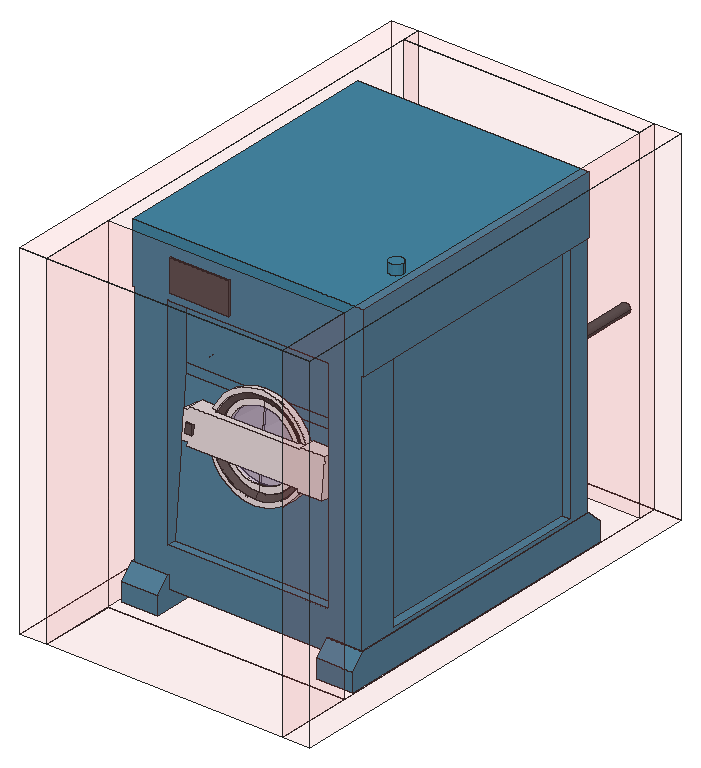
Revit family "Washer_Milnor_36026-X8", category Mechanical Equipment, Revit 2026
Family settings
  Round Connector Dimension = Use Diameter
  Part Type = Normal
  Classification Number = 23.45.70.11.14.11
  Work Plane-Based = Yes
  Always vertical = No
  Cut with Voids When Loaded = No
  Maintain Annotation Orientation = No
  Shared = No
  Room Calculation Point = No
Parameters
  doorgas = Door Opening + 0' 2 1/2"  # 1' - 10 1/2"
  Warranty Duration (Years) = 0
  Voltage_MEP = 0 V
  Vibration Frequency = 0
  Unit Width = 4' - 4"
  Unit Weight = 0
  Unit Height = 6' - 4 3/8"
  Unit Depth = 6' - 6 7/16"
  URL = "http://www.milnor.com/"
  Specification = ""
  SpecWizard = ""
  Send Message = "http://www.arcat.com/users.pl?action=UserEmail&company=Pellerin+Milnor+Corp.&coid=34740&rep=108&fax=504-468-3094&mf="
  Sales Information = "http://www.milnor.com/contact_us.aspx"
  Revision = "R1_04-2011"
  Product Properties = ""
  Product Data = "http://www.arcat.com/arcatcos/cos34/arc34740.html"
  Phase = 0
  Number of Poles = 1
  Model = "As Specified"
  Manufacturer Website = "http://www.milnor.com/"
  Manufacturer Phone - Toll Free = "800-469-8780"
  Manufacturer Phone = "504-467-9591"
  Manufacturer Fax = "504-468-3094"
  Manufacturer Address = "700 Jackson St.   Kenner, LA 70062"
  Manufacturer = "Pellerin Milnor Corp"
  Maintenance Schedule (Months) = 0
  MEP Amperage = 0 A
  Keynote = "11110"
  Interior Finish [instance] = Metal - Stainless Steel - Milnor - as Specified
  Installation-Fabrication = ""
  Installation Phase = ""
  Green Building-LEED = ""
  Frequency = 0 Hz
  Expected Lifespan (Years) = 0
  Dynamic Load = 0.00 kip
  Drawn By = "Sumex Design, Inc. / Robert S. Weygant, CSI, CDT, SCIP"
  Door Opening = 1' - 8"
  Door Opening Depth = 1' - 7 7/8"
  Door Glazing [instance] = Glazing - Milnor - as Specified
  Door Finish [instance] = Metal - Stainless Steel - Milnor - Powder Coat as Specified
  Clearance Visible [instance] = yes
  Cabinet Front Doodads [instance] = Paint - Milnor - Black
  Description = ""
  Default Elevation = 4' - 0"
  Cylinder Volume = 0.00 CF
  Cylinder Diameter = 3' - 0"
  Cylinder Depth = 2' - 2"
  Door Base from FF = 2' - 4 1/2"
  Copyright = "©Arcat Inc."
  Construction Details = ""
  Capacity = ""
  Cabinet Finish [instance] = Paint - Milnor - Blue
  Assembly Code = "E1010610"
Reference planes (in)
  plane 1 "Center (Front/Back)": y = 0
  plane 2 "Bottom": z = 0
  plane 3 "Center (Left/Right)": x = 0
  plane 4 "Front": y = -39.21875
  plane 5 "Back": y = 39.21875
  plane 6 "Left": x = -26
  plane 7 "Right": x = 26
  plane 8 "Top": z = 76.375
  plane 9: y = -59.09375
  plane 10: z = 28.5
  plane 11: y = 28.78125
  plane 12: x = -25.5
Forms (in)
  Extrusion 1, solid, material "Paint - Milnor - Blue" <- "Cabinet Finish"
    sketch origin (0, -2.05904, 0) x (0, 1, 0) y (0, 0, 1)
      loop
        line (-37.15971, 0) -> (30.84029, 0) -> (30.84029, 4) -> (28.01187, 6.82843) -> (-34.33128, 6.82843) -> (-37.15971, 4) -> (-37.15971, 0)
    from 17.5625 to 25.5
  Extrusion 2, solid, material "Paint - Milnor - Blue" <- "Cabinet Finish"
    sketch origin (0, -2.05904, 0) x (0, 1, 0) y (0, 0, -1)
      loop
        line (-37.15971, 0) -> (-37.15971, -4) -> (-34.33128, -6.82843) -> (28.01187, -6.82843) -> (30.84029, -4) -> (30.84029, 0) -> (-37.15971, 0)
    from 17.5625 to 25.5
  Extrusion 3, solid, material "Paint - Milnor - Blue" <- "Cabinet Finish"
    sketch origin (0, -2.05904, 0) x (1, 0, 0) y (0, 0, 1)
      loop
        line (-25.5, 74.36691) -> (-25.5, 61.1683) -> (-25, 61.1683) -> (-25, 4) -> (25, 4) -> (25, 61.1683) -> (25.5, 61.1683) -> (25.5, 74.36691) -> (-25.5, 74.36691)
      loop
        line (-17.72873, 61.1683) -> (-17.72873, 12.60752) -> (17.77127, 12.60752) -> (17.77127, 61.1683) -> (-17.72873, 61.1683)
    from -27.90179 to 34.19096
  Extrusion 4, solid, material "Paint - Milnor - Blue" <- "Cabinet Finish"
    sketch origin (0, -2.05904, 0) x (0, 1, 0) y (0, 0, 1)
      loop
        line (-32.56823, 6.82843) -> (27.90179, 6.82843) -> (27.90179, 15.82843) -> (24.95881, 15.82843) -> (24.95881, 61.1683) -> (-29.17951, 61.1683) -> (-29.17951, 46.60957)
        arc (-29.17951, 46.60957) -> (-29.20235, 45.5627) -> (-29.27083, 44.51783) r 24
        line (-29.27083, 44.51783) -> (-32.56823, 6.82843)
    from -17.72873 to 17.77127
  Extrusion 5, void
    sketch origin (25, -2.05904, 54.60752) x (0, 0, 1) y (0, 1, 0)
      loop
        line (6.56078, -25.44096) -> (6.56078, 23.49152) -> (-47.125, 23.49152) -> (-47.125, -25.44096) -> (6.56078, -25.44096)
    from 2 to 0
  Extrusion 6, void
    sketch origin (-25, -2.05904, 54.60752) x (0, 0, 1) y (0, -1, 0)
      loop
        line (6.56078, 25.44096) -> (-47.125, 25.44096) -> (-47.125, -23.49152) -> (6.56078, -23.49152) -> (6.56078, 25.44096)
    from 2 to 0
  Extrusion 7, solid, material "Metal - Stainless Steel - Milnor - Powder Coat as Specified" <- "Door Finish"
    sketch origin (0, -34.55047, 7.70631) x (0, 0.087156, 0.996195) y (-1, 0, 0)
      loop
        circle (29.17799, 0) r 10
      loop
        circle (29.17799, 0) r 11
    from 0 to 1.5
  Revolve 8, void
    sketch origin (0, -3.80904, 0.0625) x (0, 1, 0) y (0, 0, 1)
      loop
        line (-30.31592, 36.89602) -> (-1.30183, 34.35762) -> (0.26698, 52.28912) -> (-25.63409, 54.55517) -> (-26.33133, 46.58562) -> (-29.44436, 46.85797) -> (-30.31592, 36.89602)
      axis (-30.31592, 36.89602) -> (-1.30183, 34.35762)
    angle from 0 to 360
  Extrusion 9, solid, material "Paint - Milnor - Black" <- "Cabinet Front Doodads"
    sketch origin (0, -36.25, 0) x (1, 0, 0) y (0, 0, 1)
      loop
        line (-17, 69.875) -> (-17, 62.79689) -> (-3.97956, 62.79689) -> (-3.97956, 69.875) -> (-17, 69.875)
    from 0 to 0.33794
  Extrusion 10, solid, material "Paint - Milnor - Blue" <- "Cabinet Finish"
    sketch origin (0, -2.05904, 0) x (1, 0, 0) y (0, 1, 0)
      loop
        circle (21.5, -20.09721) r 1.5
    from 74.36691 to 76.375
  Revolve 11, solid, material "Metal - Stainless Steel - Milnor - Powder Coat as Specified" <- "Door Finish"
    sketch origin (0, -2.05904, 0.75) x (0, 1, 0) y (0, 0, 1)
      loop
        line (-28.99535, 44.76419) -> (-29.79376, 44.83404) -> (-29.9027, 43.5888) -> (-29.1043, 43.51894) -> (-28.99535, 44.76419)
      axis (-30.55637, 36.11734) -> (-29.75796, 36.04748)
    angle from 0 to 360
  Revolve 12, solid, material "Glazing - Milnor - as Specified" <- "Door Glazing"
    sketch origin (0, -2.05904, 0) x (0, 1, 0) y (0, 0, 1)
      loop
        line (-29.75688, 36.75651) -> (-29.09967, 44.26854) -> (-29.63035, 44.31497) -> (-30.28757, 36.80294) -> (-29.75688, 36.75651)
      axis (-30.28757, 36.80294) -> (-29.75688, 36.75651)
    angle from 0 to 360
  Extrusion 13, solid, material "Paint - Milnor - Black"
    sketch origin (0, -2.05904, 0) x (1, 0, 0) y (0, 0, 1)
      loop
        circle (22.9375, 40.625) r 0.375
      loop
        circle (22.9375, 35.6875) r 0.375
      loop
        circle (22.9375, 30.6875) r 0.375
    from -29.30904 to -24.95881
  Extrusion 14, solid, material "Paint - Milnor - Black"
    sketch origin (0, -2.05904, 0) x (1, 0, 0) y (0, 0, 1)
      loop
        circle (-7.1875, 8.75) r 1.5
    from -29.03067 to -23.49152
  Extrusion 15, solid, material "Paint - Milnor - Black"
    sketch origin (0, -2.05904, 0) x (1, 0, 0) y (0, 0, 1)
      loop
        circle (22.9375, 40.625) r 1
    from -41.27779 to -29.30904
  Extrusion 16, solid, material "Paint - Milnor - Black"
    sketch origin (0, -2.05904, 0) x (1, 0, 0) y (0, 0, 1)
      loop
        circle (-20.8125, 56.5625) r 0.25
    from -21.95881 to -21.19399
  Revolve 17, solid, material "Paint - Milnor - Black" <- "Cabinet Front Doodads"
    sketch origin (0, 0, 0) x (0, 1, 0) y (0, 0, 1)
      loop
        line (-32.63017, 46.86595) -> (-31.8528, 45.58404) -> (-31.0544, 45.51419) -> (-31.13588, 46.73521) -> (-32.63017, 46.86595)
      axis (-33.50173, 36.904) -> (-31.82056, 36.75692)
    angle from 0 to 360
  Extrusion 18, solid, material "Metal - Stainless Steel - Milnor - Powder Coat as Specified" <- "Door Finish"
    sketch origin (0, -34.61584, 6.95916) x (0, 0.087156, 0.996195) y (-1, 0, 0)
      loop
        line (33.9585, 13.59472) -> (33.2085, 13.59472) -> (33.2085, 14.84472) -> (27.2085, 14.84472) -> (27.2085, 13.59472) -> (26.4585, 13.59472) -> (26.4585, -10.90528) -> (25.9585, -10.90528) -> (25.9585, -16.15528) -> (34.4585, -16.15528) -> (34.4585, -10.90528) -> (33.9585, -10.90528) -> (33.9585, 13.59472)
    from 0 to 3.72832
  Extrusion 19, solid, material "Paint - Milnor - Black" <- "Cabinet Front Doodads"
    sketch origin (0, -38.32996, 7.2841) x (0, 0.087156, 0.996195) y (-1, 0, 0)
      loop
        line (30.91177, 13.93187) -> (28.91177, 13.93187) -> (28.91177, 12.43187) -> (30.91177, 12.43187) -> (30.91177, 13.93187)
    from 0 to 0.4192
  Extrusion 20, solid, material "Paint - Milnor - Black" <- "Cabinet Front Doodads"
    sketch origin (0, 0, 0) x (0, 1, 0) y (0, 0, 1)
      loop
        line (0.21875, 54.375) -> (0.21875, 50.375) -> (6.21875, 50.375) -> (6.21875, 54.375) -> (0.21875, 54.375)
    from -23.52486 to -24.33761
  Extrusion 21, solid, material "Paint - Milnor - Black" <- "Cabinet Front Doodads"
    sketch origin (0, 0, 0) x (0, 1, 0) y (0, 0, 1)
      loop
        line (-0.51951, 55.39827) -> (-0.51951, 46.64827) -> (6.98049, 46.64827) -> (6.98049, 55.39827) -> (-0.51951, 55.39827)
    from -23 to -23.52486
  Extrusion 22, solid, material "ARCAT Clearance", visible <- "Clearance Visible"
    sketch origin (-6.82434, -23.125, 0) x (1, 0, 0) y (0, 1, 0)
      loop
        line (-19.17566, -18.96875) -> (-19.17566, -35.96875) -> (32.82434, -35.96875) -> (32.82434, -18.96875) -> (-19.17566, -18.96875)
    from 0 to 76.375
  Extrusion 23, solid, material "ARCAT Clearance", visible <- "Clearance Visible"
    sketch origin (-13.25, 75.69399, 0) x (1, 0, 0) y (0, 1, 0)
      loop
        line (-12.75, -32.40625) -> (-12.75, -36.47524) -> (39.25, -36.47524) -> (39.25, -32.40625) -> (-12.75, -32.40625)
    from 0 to 76.375
  Extrusion 24, solid, material "ARCAT Clearance", visible <- "Clearance Visible"
    sketch origin (19, -17.19429, 0) x (1, 0, 0) y (0, 1, 0)
      loop
        line (7, 60.48203) -> (7, -41.89946) -> (13, -41.89946) -> (13, 60.48203) -> (7, 60.48203)
    from 0 to 76.375
  Extrusion 25, solid, material "ARCAT Clearance", visible <- "Clearance Visible"
    sketch origin (-39, -17.19429, 0) x (1, 0, 0) y (0, 1, 0)
      loop
        line (7, 60.48203) -> (7, -41.89946) -> (13, -41.89946) -> (13, 60.48203) -> (7, 60.48203)
    from 0 to 76.375
Cuts and joins
  Extrusion 5, Extrusion 6, Revolve 8 cuts Extrusion 3
  Revolve 8 cuts Extrusion 4
  joined: Extrusion 1, Extrusion 2, Extrusion 3, Extrusion 4
  Revolve 8 cuts Extrusion 7
  Revolve 8 cuts Extrusion 18
Lines and regions (in)
  symbolic lines, style "MechanicalEquipmentHiddenLines"
    curve 1: line (13, -59.09375, 0) -> (13, -31.61258, 0)
    curve 2: line (-17.25, 25.10024, 0) -> (-17.25, 43.28774, 0)
    curve 3: line (0, 25.84275, 53.1683) -> (0, 44.03025, 53.1683)
    curve 4: arc (0, 44.03025, 53.1683) -> (0, 38.70325, 66.0288) -> (0, 25.84275, 71.3558) r 18.1875
    curve 5: line (17.25, 25.10024, 0) -> (17.25, 43.28774, 0)
    curve 6: line (-17.25, 43.28774, 0) -> (17.25, 43.28774, 0)
    curve 7: arc (13, -59.09375, 0) -> (-5.93909, -51.24892, 0) -> (-13.78392, -32.30983, 0) r 26.78392
    curve 8: line (0, -57.00388, 40.29062) -> (0, -58.62285, 40.43226)
    curve 9: line (0, -58.62285, 40.43226) -> (0, -59.1022, 34.95319)
    curve 10: line (0, -59.1022, 34.95319) -> (0, -57.48196, 34.81144)
    curve 11: spline (0, -46.54238, 47.86214) -> (0, -49.38939, 47.48875) -> (0, -52.04238, 46.39403) -> (0, -54.32056, 44.65258) -> (0, -56.06866, 42.38307) -> (0, -57.16757, 39.74017) -> (0, -57.54238, 36.904) -> (0, -57.16757, 34.06782) -> (0, -56.06866, 31.42493) -> (0, -54.32056, 29.15542) -> (0, -52.04238, 27.41397) -> (0, -49.38939, 26.31925) -> (0, -46.54238, 25.94586)
    curve 12: spline (0, -46.54238, 25.94586) -> (0, -43.69537, 26.31925) -> (0, -41.04238, 27.41397) -> (0, -38.76421, 29.15542) -> (0, -37.0161, 31.42493) -> (0, -35.9172, 34.06782) -> (0, -35.54238, 36.904) -> (0, -35.9172, 39.74017) -> (0, -37.0161, 42.38307) -> (0, -38.76421, 44.65258) -> (0, -41.04238, 46.39403) -> (0, -43.69537, 47.48875) -> (0, -46.54238, 47.86214)
Dimensions and locks (in)
  equal spacing: plane 6 "Left", plane 3 "Center (Left/Right)", plane 7 "Right"
  "Unit Width": plane 6 "Left" to plane 7 "Right"
  equal spacing: plane 5 "Back", plane 1 "Center (Front/Back)", plane 4 "Front"
  "Unit Depth": plane 5 "Back" to plane 4 "Front"
  "Unit Height": plane 8 "Top" to level
  "Door Opening Depth": plane 4 "Front" to plane 9
  "Door Base from FF": plane 10 to level
  plane 3 "Center (Left/Right)" to Extrusion 14 sketch curve = 0' - 7 3/16"
  Extrusion 14 sketch curve to level = 0' - 8 3/4"
  Extrusion 13 sketch curve to level = 2' - 6 11/16"
  Extrusion 13 sketch curve to level = 2' - 11 11/16"
  Extrusion 13 sketch curve to level = 3' - 4 5/8"
  plane 3 "Center (Left/Right)" to Extrusion 10 sketch curve = 1' - 9 1/2"
  Extrusion 10 sketch curve to plane 4 "Front" = 1' - 5 1/16"
  plane 3 "Center (Left/Right)" to Extrusion 16 sketch curve = 1' - 8 13/16"
  Extrusion 16 sketch curve to level = 4' - 8 9/16"
Automatic sketch dimensions
  curve 1 to plane 9 = 0' - 0"
  plane 5 "Back" to curve 6 = 0' - 4.06899"
  curve 6 to plane 12 = 0' - 8 1/4"
  plane 4 "Front" to curve 7 = 0' - 6.90892"
  curve 7 to plane 12 = 0' - 11.71608"
  plane 11 to curve 5 = 0' - 3.68101"
  curve 5 to plane 7 "Right" = 0' - 8 3/4"
  curve 7 to curve 1 = 0' - 0.69725"
  plane 11 to curve 2 = 0' - 3.68101"
  curve 9 to plane 9 = 0' - 0.00845"
  plane 9 to curve 9 = 0' - 0.4709"
  plane 9 to curve 12 = 0' - 1.55137"
  curve 11 to curve 12 = 0' - 0"
  plane 9 to curve 10 = 0' - 1.61179"
  curve 8 to curve 8 = 0' - 1.61896"
  curve 12 to plane 4 "Front" = 0' - 7.32363"
  plane 11 to curve 3 = 0' - 2.9385"
  curve 4 to curve 3 = 0' - 0"
  plane 5 "Back" to curve 3 = 0' - 4.8115"
  plane 10 to curve 12 = 0' - 2.55414"
  curve 10 to plane 10 = 0' - 6.31144"
  curve 10 to curve 10 = 0' - 0.14175"
  curve 4 to plane 8 "Top" = 1' - 11.2067"
  Extrusion 1 sketch curve to plane 4 "Front" = 0' - 0"
  Extrusion 1 sketch curve to plane 11 = 0' - 0"
  Extrusion 1 sketch curve to level = 0' - 0"
  plane 4 "Front" to Extrusion 1 sketch curve = 0' - 2.82843"
  plane 11 to Extrusion 1 sketch curve = 0' - 2.82843"
  level to Extrusion 1 sketch curve = 0' - 4"  (x2)
  Extrusion 1 sketch curve to Extrusion 1 sketch curve = 0' - 2.82843"
  Extrusion 2 sketch curve to plane 4 "Front" = 0' - 0"
  Extrusion 2 sketch curve to plane 11 = 0' - 0"
  Extrusion 2 sketch curve to level = 0' - 0"
  plane 4 "Front" to Extrusion 2 sketch curve = 0' - 2.82843"
  plane 11 to Extrusion 2 sketch curve = 0' - 2.82843"
  Extrusion 2 sketch curve to Extrusion 2 sketch curve = 0' - 4"
  level to Extrusion 2 sketch curve = 0' - 4"
  Extrusion 2 sketch curve to Extrusion 2 sketch curve = 0' - 2.82843"
  plane 12 to Extrusion 3 sketch curve = 0' - 0"
  Extrusion 3 sketch curve to plane 12 = 0' - 0 1/2"
  Extrusion 3 sketch curve to Extrusion 3 sketch curve = 0' - 7.27127"
  Extrusion 3 sketch curve to plane 7 "Right" = 0' - 8.22873"
  Extrusion 3 sketch curve to plane 7 "Right" = 0' - 1"
  Extrusion 3 sketch curve to plane 7 "Right" = 0' - 0 1/2"
  level to Extrusion 3 sketch curve = 0' - 4"
  Extrusion 3 sketch curve to Extrusion 3 sketch curve = 0' - 8.60752"
  Extrusion 3 sketch curve to plane 8 "Top" = 1' - 3.2067"  (x2)
  Extrusion 3 sketch curve to Extrusion 3 sketch curve = 0' - 0"
  Extrusion 3 sketch curve to plane 8 "Top" = 0' - 2.00809"
  plane 9 to Extrusion 4 sketch curve = 0' - 3.8552"
  plane 4 "Front" to Extrusion 4 sketch curve = 0' - 4.59148"
  plane 4 "Front" to Extrusion 4 sketch curve = 0' - 7.88887"
  plane 4 "Front" to Extrusion 4 sketch curve = 0' - 7.9802"
  plane 11 to Extrusion 4 sketch curve = 0' - 5.88149"
  plane 11 to Extrusion 4 sketch curve = 0' - 2.9385"
  level to Extrusion 4 sketch curve = 0' - 6.82843"
  Extrusion 4 sketch curve to Extrusion 4 sketch curve = 0' - 9"
  Extrusion 4 sketch curve to plane 10 = 1' - 4.01783"
  Extrusion 4 sketch curve to plane 8 "Top" = 1' - 3.2067"
  Extrusion 3 to Extrusion 5 sketch curve = 0' - 0"
  Extrusion 5 sketch curve to Extrusion 3 = 0' - 3.48252"
  Extrusion 5 sketch curve to Extrusion 3 = 0' - 8 3/4"
  Extrusion 5 sketch curve to Extrusion 3 = 0' - 4.41027"
  Extrusion 6 sketch curve to Extrusion 3 = 0' - 0"
  Extrusion 3 to Extrusion 6 sketch curve = 0' - 3.48252"
  Extrusion 6 sketch curve to Extrusion 3 = 0' - 4.41027"
  Extrusion 6 sketch curve to Extrusion 3 = 0' - 8 3/4"
  Extrusion 7 sketch curve to Extrusion 7 sketch curve = 0' - 0"  (x2)
  Extrusion 7 sketch curve to Extrusion 4 = 0' - 7.77415"
  Extrusion 4 to Extrusion 7 sketch curve = 1' - 5.72873"
  plane 4 "Front" to Revolve 8 sketch curve = 0' - 5.09378"
  plane 4 "Front" to Revolve 8 sketch curve = 0' - 5.96534"
  Revolve 8 sketch curve to Revolve 8 sketch curve = 0' - 2.36589"
  Revolve 8 sketch curve to Revolve 8 sketch curve = 0' - 3.11303"
  Revolve 8 sketch curve to Revolve 8 sketch curve = 0' - 0.69725"
  plane 1 "Center (Front/Back)" to Revolve 8 sketch curve = 0' - 8.8466"
  Revolve 8 sketch curve to Revolve 8 sketch curve = 0' - 3.73573"
  Revolve 8 sketch curve to plane 10 = 0' - 5.92012"
  Revolve 8 sketch curve to Revolve 8 sketch curve = 0' - 0.32683"
  Revolve 8 sketch curve to plane 10 = 0' - 8.25154"
  Revolve 8 sketch curve to Revolve 8 sketch curve = 0' - 0.20699"
  Extrusion 3 to Extrusion 9 sketch curve = 0' - 0.72873"
  Extrusion 9 sketch curve to Extrusion 3 = 0' - 1.62859"
  Extrusion 9 sketch curve to Extrusion 9 sketch curve = 1' - 1.02044"
  Extrusion 9 sketch curve to Extrusion 3 = 0' - 4.49191"
  plane 4 "Front" to Revolve 11 sketch curve = 0' - 7.257"
  Revolve 11 sketch curve to Revolve 11 sketch curve = 0' - 0.10894"
  Revolve 11 sketch curve to Revolve 11 sketch curve = 0' - 0.79841"
  Revolve 11 sketch curve to Revolve 11 sketch curve = 0' - 1.08483"
  Revolve 11 sketch curve to plane 10 = 0' - 7.29562"
  Revolve 11 sketch curve to Revolve 11 sketch curve = 0' - 9.7129"
  Revolve 11 sketch curve to plane 10 = 0' - 8.14539"
  Revolve 11 sketch curve to Revolve 11 sketch curve = 0' - 7.62356"
  Revolve 11 sketch curve to Revolve 11 sketch curve = 0' - 0.06985"
  plane 4 "Front" to Revolve 12 sketch curve = 0' - 6.87213"
  Revolve 12 sketch curve to Revolve 12 sketch curve = 0' - 0.53069"
  plane 4 "Front" to Revolve 12 sketch curve = 0' - 7.52935"
  Revolve 12 sketch curve to Revolve 12 sketch curve = 0' - 1.55183"
  Revolve 12 sketch curve to plane 10 = 0' - 7.48886"
  Revolve 12 sketch curve to Revolve 12 sketch curve = 0' - 7.22241"
  Revolve 12 sketch curve to Revolve 12 sketch curve = 0' - 0.63188"
  Revolve 12 sketch curve to Revolve 12 sketch curve = 0' - 0.13577"
  Revolve 12 sketch curve to Revolve 12 sketch curve = 0' - 0.04643"
  Extrusion 13 sketch curve to plane 7 "Right" = 0' - 3 1/16"  (x3)
  Extrusion 15 sketch curve to plane 7 "Right" = 0' - 3 1/16"
  Extrusion 15 sketch curve to plane 10 = 1' - 0 1/8"
  plane 4 "Front" to Revolve 17 sketch curve = 0' - 5.71702"
  plane 4 "Front" to Revolve 17 sketch curve = 0' - 6.58858"
  Revolve 17 sketch curve to Revolve 17 sketch curve = 0' - 0.77737"
  Revolve 17 sketch curve to Revolve 17 sketch curve = 0' - 0.71692"
  Revolve 17 sketch curve to Revolve 17 sketch curve = 0' - 0.79841"
  Revolve 17 sketch curve to plane 10 = 0' - 7.29276"
  Revolve 17 sketch curve to Revolve 17 sketch curve = 1' - 0.70148"
  Revolve 17 sketch curve to plane 10 = 0' - 8.404"
  Revolve 17 sketch curve to Revolve 17 sketch curve = 0' - 8.61019"
  Revolve 17 sketch curve to Revolve 17 sketch curve = 0' - 0.06985"
  Revolve 17 sketch curve to Revolve 17 sketch curve = 0' - 1.22102"
  Revolve 17 sketch curve to Revolve 17 sketch curve = 0' - 1.28191"
  Extrusion 4 to Extrusion 18 sketch curve = 0' - 1.61599"
  Extrusion 18 sketch curve to Extrusion 4 = 0' - 11.74364"
  Extrusion 18 sketch curve to Extrusion 18 sketch curve = 0' - 0 1/2"
  Extrusion 18 sketch curve to Extrusion 18 sketch curve = 0' - 0 3/4"  (x2)
  Extrusion 18 sketch curve to Extrusion 4 = 0' - 4.49364"
  Extrusion 18 sketch curve to Extrusion 4 = 0' - 3.24364"
  Extrusion 18 sketch curve to Extrusion 18 sketch curve = 0' - 5 1/4"  (x2)
  Extrusion 4 to Extrusion 18 sketch curve = 0' - 4.13401"  (x2)
  Extrusion 18 sketch curve to Extrusion 18 sketch curve = 0' - 1 1/4"
  Extrusion 18 to Extrusion 19 sketch curve = 0' - 0.33715"
  Extrusion 19 sketch curve to Extrusion 18 = 0' - 1.70327"
  Extrusion 19 sketch curve to Extrusion 19 sketch curve = 0' - 2"
  Extrusion 19 sketch curve to Extrusion 18 = 0' - 1.16285"
  Extrusion 20 sketch curve to plane 1 "Center (Front/Back)" = 0' - 0 7/32"
  Extrusion 20 sketch curve to Extrusion 20 sketch curve = 0' - 6"
  Extrusion 20 sketch curve to plane 10 = 1' - 9 7/8"
  Extrusion 20 sketch curve to Extrusion 20 sketch curve = 0' - 4"
  plane 1 "Center (Front/Back)" to Extrusion 21 sketch curve = 0' - 0 133/256"
  Extrusion 21 sketch curve to plane 1 "Center (Front/Back)" = 0' - 6 251/256"
  Extrusion 21 sketch curve to plane 10 = 1' - 6.14827"
  Extrusion 21 sketch curve to Extrusion 21 sketch curve = 0' - 8 3/4"
  Extrusion 22 sketch curve to plane 6 "Left" = 0' - 0"
  Extrusion 22 sketch curve to plane 7 "Right" = 0' - 0"
  Extrusion 22 sketch curve to plane 9 = 0' - 0"
  Extrusion 22 sketch curve to plane 4 "Front" = 0' - 2 7/8"
  Extrusion 23 sketch curve to plane 5 "Back" = 0' - 0"
  Extrusion 23 sketch curve to plane 6 "Left" = 0' - 0"
  Extrusion 23 sketch curve to plane 7 "Right" = 0' - 0"
  plane 5 "Back" to Extrusion 23 sketch curve = 0' - 4.06899"
  Extrusion 24 sketch curve to plane 7 "Right" = 0' - 0"
  plane 9 to Extrusion 24 sketch curve = 0' - 0"
  Extrusion 24 sketch curve to Extrusion 24 sketch curve = 0' - 6"
  plane 5 "Back" to Extrusion 24 sketch curve = 0' - 4.06899"
  Extrusion 25 sketch curve to plane 9 = 0' - 0"
  Extrusion 25 sketch curve to plane 6 "Left" = 0' - 0"
  Extrusion 25 sketch curve to Extrusion 25 sketch curve = 0' - 6"
  plane 5 "Back" to Extrusion 25 sketch curve = 0' - 4.06899"
  radius of Extrusion 7 sketch curve = 0' - 10"
  radius of Extrusion 7 sketch curve = 0' - 11"
  radius of Extrusion 10 sketch curve = 0' - 1 1/2"
  radius of Extrusion 13 sketch curve = 0' - 0 3/8"  (x3)
  radius of Extrusion 14 sketch curve = 0' - 1 1/2"
  radius of Extrusion 15 sketch curve = 0' - 1"
  radius of Extrusion 16 sketch curve = 0' - 0 1/4"
Connectors (in)
  piping at (-7.1875, 26.97162, 8.75), diameter 3
    settings: on Extrusion 14, index 5, connector inside diameter 3", connector length 0' - 0", flow factor 0, pipe flow 0 GPM, pressure drop 0.00 psi, fitting loss kfactor 0, connector angle 0.00°, fixture units 0, engagement length 0' - 0", angle of deflection 0.00°, flow configuration 0, flow direction 2, fitting loss method 0, system type 16, joint type 0, gender type 0, connector reference index -1, connector utility 0, adjustable connector no, is connector primary yes, connector description ""
  piping at (22.9375, 39.21875, 40.625), diameter 0.75
    settings: on Extrusion 15, index 6, connector inside diameter 3/4", connector length 0' - 0", flow factor 0, pipe flow 0 GPM, pressure drop 0.00 psi, fitting loss kfactor 0, connector angle 0.00°, fixture units 0, engagement length 0' - 0", angle of deflection 0.00°, flow configuration 0, flow direction 1, fitting loss method 0, system type 19, joint type 0, gender type 0, connector reference index -1, connector utility 0, adjustable connector no, is connector primary no, connector description ""
  piping at (22.9375, 27.25, 35.6875), diameter 0.75
    settings: on Extrusion 13, index 7, connector inside diameter 3/4", connector length 0' - 0", flow factor 0, pipe flow 0 GPM, pressure drop 0.00 psi, fitting loss kfactor 0, connector angle 0.00°, fixture units 0, engagement length 0' - 0", angle of deflection 0.00°, flow configuration 0, flow direction 1, fitting loss method 0, system type 19, joint type 0, gender type 0, connector reference index -1, connector utility 0, adjustable connector no, is connector primary no, connector description ""
  piping at (22.9375, 27.25, 30.6875), diameter 0.75
    settings: on Extrusion 13, index 8, connector inside diameter 3/4", connector length 0' - 0", flow factor 0, pipe flow 0 GPM, pressure drop 0.00 psi, fitting loss kfactor 0, connector angle 0.00°, fixture units 0, engagement length 0' - 0", angle of deflection 0.00°, flow configuration 0, flow direction 1, fitting loss method 0, system type 20, joint type 0, gender type 0, connector reference index -1, connector utility 0, adjustable connector no, is connector primary no, connector description ""
  electrical at (-20.8125, 19.89976, 56.5625)
    settings: on Extrusion 16, index 9, voltage 0 V, apparent load 0 VA, apparent load phase1 0 VA, apparent load phase2 0 VA, apparent load phase3 0 VA, power factor 1, load classification "Other", number of poles 1, system type 31, power factor state 1, is connector primary yes, connector utility no, sub classification motor no, connector description ""
